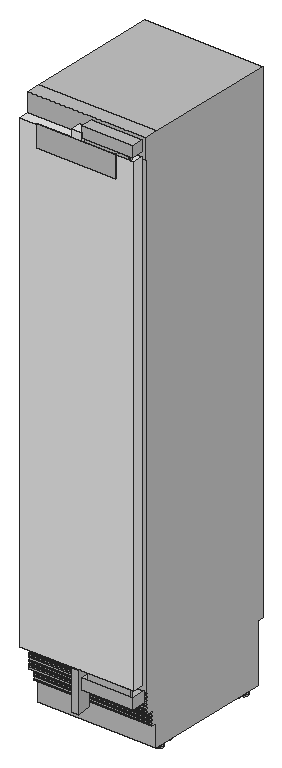
Revit family "FP_Revit_18_RS1884FRJ1_Freezer_90001047A", category Specialty Equipment, Revit 2018
Family settings
  Round Connector Dimension = Use Diameter
  Part Type = Normal
  OmniClass Number = 23.40.40.11.11
  OmniClass Title = Refrigerators and Freezers
  Work Plane-Based = No
  Always vertical = Yes
  Cut with Voids When Loaded = Yes
  Shared = No
  Room Calculation Point = No
Parameters (values of type "RS1884FRJ1")
  Visibility - Water Connection = yes
  Visibility - Visibility Control Note = yes
  Visibility - Clearance Required = yes
  URL = "www.fisherpaykel.com"
  Stainless Steel Door Panels (RD1884R4D) = no
  Product - Width = 451 mm  # constant formula
  Product - Height = 2134 mm  # constant formula
  Product - Depth (exl front panel) = 610 mm  # constant formula
  Model = "RS1884FRJ1"
  Material - Handle = Fisher & Paykel - Aluminium
  Material - Door Structure = Fisher & Paykel - White
  Material - Door Front = Fisher & Paykel - Stainless Steel
  Material - Body = Fisher & Paykel - Grey
  Manufacturer = "Fisher & Paykel Appliances"
  Handle Style - Professional Square (AHV2-RD84) = no
  Handle Style - Professional Round (AHC-RD84) = no
  Handle Style - Contemporary Square (AHD3-RD84) = no
  Handle Style - Contemporary Round (AHS-RD84) = no
  Description = "18\" Integrated Column Freezer with internal ice maker, white interior"
  Connector Description - Water = "1/4\" (6mm) comp. stainless steel braided hose"
  Connector Description - Electrical = "120 V, 10 amp fused electrical supply"
  Cavity - Width = 457 mm  # constant formula
  Cavity - Height = 2134 mm  # constant formula
  Cavity - Depth = 635 mm  # constant formula
Types (3, lengths in mm): name | Model | Description
  (no name) | "RS1884FRJ1" | "18\" Integrated Column Freezer with internal ice maker, white interior"
  RS1884FRJ1 | "RS1884FRJ1" | "18\" Integrated Column Freezer with internal ice maker, white interior"
  RS1884FRJK1 | "RS1884FRJK1" | "18\" Integrated Column Freezer with internal ice maker, stainless steel interior"
Reference planes
  plane 1 "Center (Front/Back)": y = 0
  plane 2: z = 0
  plane 3 "Center (Left/Right)": x = 0
  plane 4 "Product LHS": x = -225.5
  plane 5 "Product RHS": x = 225.5
  plane 6 "Product - Depth": y = 610
  plane 7 "Cavity LHS": x = -228.5
  plane 8 "Cavity RHS": x = 228.5
  plane 9 "Cavity - Depth": y = 612.9
  plane 10 "Handle Offset": x = -162.5
  plane 11 "Product Height": z = 2134
  plane 12 "Cavity Height": z = 2134
  plane 13 "Door Panel Datum": y = -4.1
Forms (mm)
  Extrusion 1, solid, material "Fisher & Paykel - Grey" <- "Material - Body", detail levels fine
    sketch origin (0, 0, 0) x (0, 1, 0) y (0, 0, 1)
      loop
        line (100.1, 19.1) -> (587.9, 19.1) -> (587.9, 239.7) -> (610, 239.7) -> (610, 2131.9) -> (105.1, 2131.9) -> (105.1, 2134) -> (49.9, 2134) -> (49.9, 2059) -> (56, 2059) -> (56, 228.6) -> (59.5, 228.6) -> (59.5, 219.7) -> (56.5, 219.7) -> (56.5, 215.9) -> (59.5, 215.9) -> (59.5, 207) -> (56.5, 207) -> (56.5, 203.2) -> (59.5, 203.2) -> (59.5, 194.3) -> (56.5, 194.3) -> (56.5, 190.5) -> (59.5, 190.5) -> (59.5, 181.6) -> (56.5, 181.6) -> (56.5, 177.8) -> (59.5, 177.8) -> (59.5, 168.9) -> (56.5, 168.9) -> (56.5, 165.1) -> (59.5, 165.1) -> (59.5, 156.2) -> (56.5, 156.2) -> (56.5, 152.4) -> (84.1, 152.4) -> (84.1, 143.5) -> (81.1, 143.5) -> (81.1, 139.7) -> (84.1, 139.7) -> (84.1, 130.8) -> (81.1, 130.8) -> (81.1, 127) -> (84.1, 127) -> (84.1, 118.1) -> (81.1, 118.1) -> (81.1, 114.3) -> (84.1, 114.3) -> (84.1, 105.4) -> (81.1, 105.4) -> (81.1, 101.6) -> (100.1, 101.6) -> (100.1, 19.1)
    from -225.5 to 225.5
  Extrusion 2, solid, material "Fisher & Paykel - Grey" <- "Material - Body"
    sketch origin (0, 0, 0) x (1, 0, 0) y (0, 1, 0)
      loop
        circle (-205, 547.8) r 4.1
      loop
        circle (-205, 141.8) r 4.1
      loop
        circle (205, 547.8) r 4.1
      loop
        circle (205, 141.8) r 4.1
    from 3 to 19.5
  Extrusion 3, solid, material "Fisher & Paykel - Grey" <- "Material - Body"
    sketch origin (0, 0, 0) x (1, 0, 0) y (0, 1, 0)
      loop
        circle (-205, 547.8) r 14.5
      loop
        circle (-205, 141.8) r 14.555
      loop
        circle (205, 547.8) r 14.5
      loop
        circle (205, 141.8) r 14.555
    from 0 to 3
  Extrusion 4, solid, material "Fisher & Paykel - Grey" <- "Material - Body", detail levels fine
    sketch origin (0, 0, 0) x (1, 0, 0) y (0, 1, 0)
      loop
        line (-7.5, 49) -> (-13.797, -4.1) -> (13.797, -4.1) -> (7.5, 49) -> (-7.5, 49)
    from 104.2 to 254.2
  Extrusion 5, solid, material "Fisher & Paykel - Grey" <- "Material - Body", detail levels fine
    sketch origin (0, 0, 0) x (1, 0, 0) y (0, 0, 1)
      loop
        line (213.9, 2123.15) -> (18.92, 2123.15) -> (18.92, 2081.05) -> (213.9, 2081.05) -> (213.9, 2123.15)
    from -49 to -2.5
  Extrusion 6, solid, material "Fisher & Paykel - Grey" <- "Material - Body", detail levels fine
    sketch origin (0, 0, 0) x (1, 0, 0) y (0, 0, 1)
      loop
        line (41.9, 254.2) -> (41.9, 229.75) -> (206.9, 229.75) -> (206.9, 254.2) -> (41.9, 254.2)
      loop
        line (29.5, 2081.05) -> (29.5, 2068.6) -> (206.9, 2068.6) -> (206.9, 2076.05) -> (166.9, 2081.05) -> (29.5, 2081.05)
    from -7 to -4
  Extrusion 7, solid, material "Fisher & Paykel - Grey" <- "Material - Body", detail levels fine
    sketch origin (0, 0, 0) x (0, 1, 0) y (0, 0, 1)
      loop
        line (0, 2070.6) -> (0, 1988.6) -> (2, 1988.6) -> (2, 2068.6) -> (4, 2068.6) -> (4, 2070.6) -> (0, 2070.6)
    from -150 to 150
  Extrusion 8, solid, material "Fisher & Paykel - Grey" <- "Material - Body"
    sketch origin (0, 0, 0) x (1, 0, 0) y (0, 0, 1)
      loop
        circle (150.5, 119.813) r 5
      loop
        circle (-150.5, 119.813) r 5
    from -590 to -587.9
  Extrusion 9, solid, material "Fisher & Paykel - White" <- "Material - Door Structure"
    sketch origin (0, 0, 0) x (1, 0, 0) y (0, 1, 0)
      loop
        line (-200.5, 56) -> (-200.5, 42) -> (200.5, 42) -> (200.5, 56) -> (-200.5, 56)
    from 269.6 to 2030.7
  Extrusion 10, solid, material "Fisher & Paykel - White" <- "Material - Door Structure"
    sketch origin (0, 0, 0) x (1, 0, 0) y (0, 1, 0)
      loop
        line (-216.9, 42) -> (-216.9, 3) -> (216.9, 3) -> (216.9, 42) -> (-216.9, 42)
    from 254.2 to 2068.6
  Extrusion 11, solid, material "Fisher & Paykel - White" <- "Material - Door Structure", detail levels fine
    sketch origin (0, 0, 0) x (1, 0, 0) y (0, 0, 1)
      loop
        line (-18.92, 2100.1) -> (-18.92, 2068.6) -> (18.92, 2068.6) -> (18.92, 2100.1) -> (-18.92, 2100.1)
    from -42 to -3
  Extrusion 12, solid, material "Fisher & Paykel - Stainless Steel" <- "Material - Door Front", visible <- "Stainless Steel Door Panels (RD1884R4D)"
    sketch origin (0, 0, 0) x (0, 1, 0) y (0, 0, 1)
      loop
        line (-22.1, 2130.8) -> (-22.1, 102) -> (-4.1, 102) -> (-4.1, 2130.8) -> (-22.1, 2130.8)
    from -225.5 to 225.5
  Extrusion 13, solid, material "Fisher & Paykel - Grey" <- "Material - Body", detail levels coarse+medium
    sketch origin (0, 0, 0) x (0, 1, 0) y (0, 0, 1)
      loop
        line (49.9, 2134) -> (49.9, 2059) -> (56, 2059) -> (56, 152.4) -> (81.1, 152.4) -> (81.1, 101.6) -> (100.1, 101.6) -> (100.1, 19.1) -> (587.9, 19.1) -> (587.9, 239.7) -> (610, 239.7) -> (610, 2134) -> (49.9, 2134)
    from -225.5 to 225.5
  Extrusion 14, solid, material "Fisher & Paykel - Grey" <- "Material - Body", detail levels fine
    sketch origin (0, 0, 0) x (1, 0, 0) y (0, 0, 1)
      loop
        line (213.9, 187.65) -> (213.9, 229.75) -> (18.92, 229.75) -> (18.92, 187.65) -> (213.9, 187.65)
    from -56 to -2.5
  Extrusion 15, solid, material "Fisher & Paykel - Grey" <- "Material - Body", detail levels fine
    sketch origin (0, 0, -4) x (0, 1, 0) y (0, 0, 1)
      loop
        arc (163.888, 23.1) -> (180.4, 13.63) -> (196.912, 23.1) r 19.13
        line (196.912, 23.1) -> (163.888, 23.1)
      loop
        arc (493.888, 23.1) -> (510.4, 13.63) -> (526.912, 23.1) r 19.13
        line (526.912, 23.1) -> (493.888, 23.1)
    from 191 to 219
  Extrusion 16, solid, material "Fisher & Paykel - Grey" <- "Material - Body", detail levels fine
    sketch origin (0, 0, -4) x (0, 1, 0) y (0, 0, -1)
      loop
        line (163.888, -23.1) -> (196.912, -23.1)
        arc (196.912, -23.1) -> (180.4, -13.63) -> (163.888, -23.1) r 19.13
      loop
        line (493.888, -23.1) -> (526.912, -23.1)
        arc (526.912, -23.1) -> (510.4, -13.63) -> (493.888, -23.1) r 19.13
    from 191 to 219
  Extrusion 17, solid, material "Fisher & Paykel - Clearance Required", visible <- "Visibility - Clearance Required", detail levels coarse
    sketch origin (0, 0, 0) x (1, 0, 0) y (0, 1, 0)
      loop
        line (-228.5, 612.9) -> (-228.5, -4.1) -> (228.5, -4.1) -> (228.5, 612.9) -> (-228.5, 612.9)
    from 0 to 2134
  Extrusion 18, void
    sketch origin (0, 0, 0) x (1, 0, 0) y (0, 1, 0)
      loop
        line (-228.5, 612.9) -> (-228.5, -22.1) -> (228.5, -22.1) -> (228.5, 612.9) -> (-228.5, 612.9)
    from 0 to 2134
  Extrusion 19, solid, material "Fisher & Paykel - Clearance Required", visible <- "Visibility - Clearance Required", detail levels coarse
    sketch origin (0, 0, 0) x (1, 0, 0) y (0, 1, 0)
      loop
        line (225.5, -22.1) -> (-225.5, -22.1)
        arc (-225.5, -22.1) -> (-5.304, -426.707) -> (453.319, -469.813) r 490
        line (453.319, -469.813) -> (431.257, -422.501) -> (458.764, -409.674)
        arc (458.764, -409.674) -> (467.405, -384.437) -> (441.854, -376.772) r 18.51
        line (441.854, -376.772) -> (415.635, -388.999) -> (262.718, -61.068)
        arc (262.718, -61.068) -> (228.203, -56.776) -> (225.5, -22.1) r 27.5
    from 0 to 2134
Lines and regions (mm)
  model lines, style "Fisher & Paykel"
    curve 1: line (-225.5, -4.1, 2130.8) -> (225.5, -4.1, 2130.8)
    curve 2: line (-225.5, -4.1, 102) -> (-225.5, -4.1, 2130.8)
    curve 3: line (225.5, -4.1, 102) -> (-225.5, -4.1, 102)
    curve 4: line (225.5, -4.1, 2130.8) -> (225.5, -4.1, 102)
Text (mm)
  text "Due to ongoing product development, product details are subject to change without notice. \nPlease always refer to www.fisherpaykel.com for the most current product information. \n© Fisher & Paykel 2020" at (41.04, -588.295, 0), in view "Ref. Level (Plan)"
Dimensions and locks
  equal spacing: plane 4 "Product LHS", plane 3 "Center (Left/Right)", plane 5 "Product RHS"
  "Product - Width": plane 4 "Product LHS" to plane 5 "Product RHS"
  "Product - Depth (exl front panel)": plane 1 "Center (Front/Back)" to plane 6 "Product - Depth"
  equal spacing: plane 7 "Cavity LHS", plane 3 "Center (Left/Right)", plane 8 "Cavity RHS"
  "Cavity - Width": plane 7 "Cavity LHS" to plane 8 "Cavity RHS"
  plane 4 "Product LHS" to Extrusion 2 sketch curve = 24.6 mm
  Extrusion 8 sketch curve to Extrusion 1 = 119.887 mm  (x2)
  Extrusion 8 sketch curve to plane 5 "Product RHS" = 75 mm
  plane 4 "Product LHS" to Extrusion 8 sketch curve = 75 mm
  Extrusion 1 sketch curve to Extrusion 1 sketch curve = 82.5 mm
  Extrusion 1 sketch curve to Extrusion 1 sketch curve = 209.5 mm
  Extrusion 1 sketch curve to Extrusion 1 sketch curve = 220.6 mm
  Extrusion 3 to level = 3 mm
  Extrusion 13 to Extrusion 10 = 235.1 mm
  Extrusion 13 to Extrusion 9 = 250.5 mm
  Extrusion 13 to Extrusion 13 = 2114.9 mm
  "Product - Height": level to plane 11 "Product Height"
  plane 11 "Product Height" to Extrusion 12 = 3.2 mm
  Extrusion 10 to plane 11 "Product Height" = 65.4 mm
  Extrusion 9 to plane 11 "Product Height" = 103.3 mm
  Extrusion 13 sketch curve to plane 11 "Product Height" = 75 mm
  Extrusion 1 sketch curve to plane 11 "Product Height" = 2.1 mm
  Extrusion 1 sketch curve to plane 11 "Product Height" = 75 mm
  "Cavity - Height": plane 12 "Cavity Height" to level
  plane 1 "Center (Front/Back)" to Extrusion 17 = 612.9 mm
  plane 1 "Center (Front/Back)" to Extrusion 18 = 612.9 mm
  plane 4 "Product LHS" to plane 10 "Handle Offset" = 63 mm
  Extrusion 12 to Extrusion 6 sketch curve = 58.6 mm
  Extrusion 6 sketch curve to Extrusion 12 = 18.6 mm
  Extrusion 12 to Extrusion 6 sketch curve = 196 mm
  Extrusion 19 to plane 1 "Center (Front/Back)" = 22.1 mm
  "Cavity - Depth": plane 9 "Cavity - Depth" to Extrusion 19
  radius of Extrusion 8 sketch curve = 5 mm
  aligned and locked: level to plane 2
  aligned and locked: Extrusion 12 to plane 5 "Product RHS"
  aligned and locked: plane 4 "Product LHS" to Extrusion 12
  aligned and locked: Extrusion 13 to plane 5 "Product RHS"
  aligned and locked: Extrusion 13 to plane 4 "Product LHS"
  aligned and locked: Extrusion 13 sketch curve to plane 11 "Product Height"
  aligned and locked: plane 11 "Product Height" to Extrusion 1 sketch curve
  aligned and locked: Extrusion 15 sketch curve to Extrusion 15 sketch curve
  aligned and locked: Extrusion 16 sketch curve to Extrusion 16 sketch curve
  aligned and locked: Extrusion 1 to plane 5 "Product RHS"
  aligned and locked: plane 4 "Product LHS" to Extrusion 1
  aligned and locked: Extrusion 13 sketch curve to Extrusion 1  (x4)
  aligned and locked: nested 5 to plane 10 "Handle Offset"
  aligned and locked: nested 4 to plane 10 "Handle Offset"
  aligned and locked: nested 3 to plane 10 "Handle Offset"
  aligned and locked: nested 2 to plane 10 "Handle Offset"
Automatic sketch dimensions
  Extrusion 1 sketch curve to plane 6 "Product - Depth" = 0 mm
  Extrusion 1 sketch curve to Extrusion 1 sketch curve = 22.1 mm
  Extrusion 1 sketch curve to plane 1 "Center (Front/Back)" = 105.1 mm
  level to Extrusion 1 sketch curve = 19.1 mm
  Extrusion 1 sketch curve to plane 1 "Center (Front/Back)" = 100.1 mm
  Extrusion 1 sketch curve to Extrusion 1 sketch curve = 16 mm
  Extrusion 1 sketch curve to Extrusion 1 sketch curve = 0 mm  (x8)
  Extrusion 1 sketch curve to Extrusion 1 sketch curve = 3 mm  (x10)
  Extrusion 1 sketch curve to plane 1 "Center (Front/Back)" = 59.5 mm
  Extrusion 1 sketch curve to plane 1 "Center (Front/Back)" = 56 mm
  Extrusion 1 sketch curve to plane 1 "Center (Front/Back)" = 49.9 mm
  Extrusion 1 sketch curve to Extrusion 1 sketch curve = 3.8 mm  (x10)
  Extrusion 1 sketch curve to Extrusion 1 sketch curve = 8.9 mm  (x9)
  Extrusion 2 sketch curve to plane 4 "Product LHS" = 20.5 mm  (x2)
  plane 5 "Product RHS" to Extrusion 2 sketch curve = 20.5 mm  (x2)
  Extrusion 2 sketch curve to plane 1 "Center (Front/Back)" = 141.8 mm  (x2)
  Extrusion 2 sketch curve to plane 6 "Product - Depth" = 62.2 mm  (x2)
  Extrusion 3 sketch curve to plane 4 "Product LHS" = 20.5 mm  (x2)
  plane 5 "Product RHS" to Extrusion 3 sketch curve = 20.5 mm  (x2)
  Extrusion 3 sketch curve to plane 1 "Center (Front/Back)" = 141.8 mm  (x2)
  Extrusion 3 sketch curve to plane 6 "Product - Depth" = 62.2 mm  (x2)
  plane 1 "Center (Front/Back)" to Extrusion 4 sketch curve = 4.1 mm
  Extrusion 4 sketch curve to plane 3 "Center (Left/Right)" = 13.797 mm
  Extrusion 4 sketch curve to plane 3 "Center (Left/Right)" = 7.5 mm
  plane 3 "Center (Left/Right)" to Extrusion 4 sketch curve = 7.5 mm
  plane 3 "Center (Left/Right)" to Extrusion 4 sketch curve = 13.797 mm
  Extrusion 4 sketch curve to plane 1 "Center (Front/Back)" = 49 mm
  plane 3 "Center (Left/Right)" to Extrusion 5 sketch curve = 18.92 mm
  plane 5 "Product RHS" to Extrusion 5 sketch curve = 11.6 mm
  plane 11 "Product Height" to Extrusion 5 sketch curve = 52.95 mm
  plane 11 "Product Height" to Extrusion 5 sketch curve = 10.85 mm
  plane 3 "Center (Left/Right)" to Extrusion 6 sketch curve = 41.9 mm
  plane 5 "Product RHS" to Extrusion 6 sketch curve = 18.6 mm
  level to Extrusion 6 sketch curve = 229.75 mm
  Extrusion 6 sketch curve to Extrusion 6 sketch curve = 24.45 mm
  plane 11 "Product Height" to Extrusion 6 sketch curve = 65.4 mm
  Extrusion 6 sketch curve to Extrusion 6 sketch curve = 7.45 mm
  Extrusion 6 sketch curve to Extrusion 6 sketch curve = 5 mm
  Extrusion 7 sketch curve to plane 1 "Center (Front/Back)" = 0 mm
  Extrusion 7 sketch curve to plane 1 "Center (Front/Back)" = 2 mm
  Extrusion 7 sketch curve to Extrusion 7 sketch curve = 2 mm  (x2)
  plane 11 "Product Height" to Extrusion 7 sketch curve = 145.4 mm
  plane 11 "Product Height" to Extrusion 7 sketch curve = 65.4 mm
  Extrusion 9 sketch curve to plane 4 "Product LHS" = 25 mm
  plane 5 "Product RHS" to Extrusion 9 sketch curve = 25 mm
  Extrusion 9 sketch curve to plane 1 "Center (Front/Back)" = 42 mm
  Extrusion 9 sketch curve to Extrusion 9 sketch curve = 14 mm
  Extrusion 10 sketch curve to plane 1 "Center (Front/Back)" = 3 mm
  Extrusion 10 sketch curve to plane 4 "Product LHS" = 8.6 mm
  plane 5 "Product RHS" to Extrusion 10 sketch curve = 8.6 mm
  Extrusion 10 sketch curve to Extrusion 10 sketch curve = 39 mm
  Extrusion 11 sketch curve to plane 3 "Center (Left/Right)" = 18.92 mm
  plane 3 "Center (Left/Right)" to Extrusion 11 sketch curve = 18.92 mm
  plane 11 "Product Height" to Extrusion 11 sketch curve = 65.4 mm
  Extrusion 11 sketch curve to Extrusion 11 sketch curve = 31.5 mm
  plane 1 "Center (Front/Back)" to Extrusion 12 sketch curve = 22.1 mm
  plane 1 "Center (Front/Back)" to Extrusion 12 sketch curve = 4.1 mm
  level to Extrusion 12 sketch curve = 102 mm
  plane 11 "Product Height" to Extrusion 12 sketch curve = 3.2 mm
  Extrusion 13 sketch curve to plane 6 "Product - Depth" = 0 mm
  Extrusion 13 sketch curve to plane 6 "Product - Depth" = 22.1 mm
  Extrusion 13 sketch curve to plane 1 "Center (Front/Back)" = 100.1 mm
  Extrusion 13 sketch curve to Extrusion 13 sketch curve = 19 mm
  Extrusion 13 sketch curve to plane 1 "Center (Front/Back)" = 56 mm
  Extrusion 13 sketch curve to plane 1 "Center (Front/Back)" = 49.9 mm
  plane 3 "Center (Left/Right)" to Extrusion 14 sketch curve = 18.92 mm
  plane 5 "Product RHS" to Extrusion 14 sketch curve = 11.6 mm
  level to Extrusion 14 sketch curve = 187.65 mm
  Extrusion 14 sketch curve to Extrusion 14 sketch curve = 42.1 mm
  level to Extrusion 15 sketch curve = 19.1 mm
  Extrusion 15 sketch curve to plane 1 "Center (Front/Back)" = 163.888 mm
  Extrusion 15 sketch curve to Extrusion 15 sketch curve = 16.512 mm  (x2)
  Extrusion 15 sketch curve to plane 6 "Product - Depth" = 116.112 mm
  Extrusion 15 sketch curve to Extrusion 15 sketch curve = 9.66 mm  (x2)
  level to Extrusion 16 sketch curve = 19.1 mm
  Extrusion 16 sketch curve to plane 1 "Center (Front/Back)" = 163.888 mm
  Extrusion 16 sketch curve to Extrusion 16 sketch curve = 16.512 mm  (x2)
  Extrusion 16 sketch curve to plane 6 "Product - Depth" = 116.112 mm
  Extrusion 16 sketch curve to Extrusion 16 sketch curve = 9.66 mm  (x2)
  Extrusion 17 sketch curve to plane 7 "Cavity LHS" = 0 mm
  Extrusion 17 sketch curve to plane 8 "Cavity RHS" = 0 mm
  Extrusion 17 sketch curve to plane 9 "Cavity - Depth" = 0 mm
  plane 1 "Center (Front/Back)" to Extrusion 17 sketch curve = 4.1 mm
  Extrusion 18 sketch curve to plane 7 "Cavity LHS" = 0 mm
  Extrusion 18 sketch curve to plane 8 "Cavity RHS" = 0 mm
  plane 9 "Cavity - Depth" to Extrusion 18 sketch curve = 0 mm
  plane 1 "Center (Front/Back)" to Extrusion 18 sketch curve = 22.1 mm
  Extrusion 19 sketch curve to plane 4 "Product LHS" = 0 mm
  plane 5 "Product RHS" to Extrusion 19 sketch curve = 0 mm
  Extrusion 19 sketch curve to plane 8 "Cavity RHS" = 19.59 mm
  Extrusion 19 sketch curve to Extrusion 19 sketch curve = 14.629 mm
  plane 1 "Center (Front/Back)" to Extrusion 19 sketch curve = 17.663 mm
  Extrusion 19 sketch curve to Extrusion 19 sketch curve = 16.39 mm
  Extrusion 19 sketch curve to plane 8 "Cavity RHS" = 187.135 mm
  Extrusion 19 sketch curve to Extrusion 19 sketch curve = 15.622 mm
  Extrusion 19 sketch curve to Extrusion 19 sketch curve = 26.219 mm
  Extrusion 19 sketch curve to Extrusion 19 sketch curve = 9.088 mm
  Extrusion 19 sketch curve to Extrusion 19 sketch curve = 22.062 mm
  Extrusion 19 sketch curve to Extrusion 19 sketch curve = 7.823 mm
  plane 1 "Center (Front/Back)" to Extrusion 19 sketch curve = 22.1 mm
  Extrusion 19 sketch curve to Extrusion 19 sketch curve = 20.12 mm
  Extrusion 19 sketch curve to Extrusion 19 sketch curve = 93.041 mm
  Extrusion 19 sketch curve to Extrusion 19 sketch curve = 16.126 mm
  plane 5 "Product RHS" to curve 1 = 0 mm
  plane 4 "Product LHS" to curve 3 = 0 mm
  level to curve 3 = 102 mm
  plane 11 "Product Height" to curve 2 = 3.2 mm
  radius of Extrusion 2 sketch curve = 4.1 mm  (x3)
  radius of Extrusion 3 sketch curve = 14.5 mm  (x2)
  radius of Extrusion 3 sketch curve = 14.555 mm  (x2)
  radius of Extrusion 8 sketch curve = 5 mm
Nested families
  nested 1: "Visibility Control Note 18" at (0, 0, 0), visible <- "Visibility - Visibility Control Note", type "Visibility Control Note 18"
  nested 2: "Handle Contemporary Round - Vertical" at (-162.5, -22.1, 1242.58), visible <- "Handle Style - Contemporary Round (AHS-RD84)", type "AHS-RD84 - Contemporary round handle (Vertical) 852mm"
  nested 3: "Handle Professional Round - Vertical" at (-162.5, -22.1, 1242.58), visible <- "Handle Style - Professional Round (AHC-RD84)", type "AHC-RD84 - Professional round handle (Vertical) 786mm"
  nested 4: "Handle Professional Square - Vertical" at (-162.5, -22.1, 1242.58), visible <- "Handle Style - Professional Square (AHV2-RD84)", type "AHV2-RD84 - Professional square handle (Vertical) 792mm"
  nested 5: "Handle Contemporary Square - Vertical" at (-162.5, -22.1, 1242.58), visible <- "Handle Style - Contemporary Square (AHD3-RD84)", type "AHD3-RD84 - Contemporary square handle (Vertical) 852mm"
Connectors
  electrical at (-150.5, 590, 119.813), driven by "Connector Description - Electrical"
    settings: on Extrusion 8, index 1, voltage 120 V, apparent load 0 VA, apparent load phase1 0 VA, apparent load phase2 0 VA, apparent load phase3 0 VA, power factor 1, load classification "Other", number of poles 1, system type 30, power factor state 1, is connector primary yes, connector utility no, sub classification motor no, connector description "120 V, 10 amp fused electrical supply"
  piping at (150.5, 590, 119.813), diameter 12.7, driven by "Connector Description - Water", driven by "Visibility - Water Connection"
    settings: on Extrusion 8, index 2, connector inside diameter 609.6 mm, connector length 0 mm, flow factor 0, pipe flow 0.0 L/s, pressure drop 0.0 Pa, fitting loss kfactor 0, connector angle 0.00°, fixture units 0, engagement length 0 mm, angle of deflection 0.00°, flow configuration 0, flow direction 1, fitting loss method 0, system type 20, joint type 0, gender type 0, connector reference index -1, connector utility 1, adjustable connector no, is connector primary yes, connector description "1/4\" (6mm) comp. stainless steel braided hose"
Definition of nested family "Handle Contemporary Round - Vertical"
  Parameters (values of type "AHSRS80A - Contemporary round handle (1 of 2) (Vertical) 727mm")
    URL = "www.fisherpaykel.com"
    Material - Handle = none
    Manufacturer = "Fisher & Paykel Appliances"
    Handle - Length = 727 mm
  Types (6, lengths in mm): name | Handle - Length
    AHS-RD21 - Contemporary round handle (Vertical) 852mm | 852
    AHSRD2484W - Contemporary round handle (1 of 2) (Vertical) 727mm | 727
    AHSRD3084W - Contemporary round handle (1 of 2) (Vertical) 727mm | 727
    AHS-RD84 - Contemporary round handle (Vertical) 852mm | 852
    AHSRS3272A - Contemporary round handle (1 of 2) (Vertical) 727mm | 727
    AHSRS80A - Contemporary round handle (1 of 2) (Vertical) 727mm | 727
  Reference planes
    plane 1 "Center (Front/Back)": y = 0
    plane 2: z = 0
    plane 3 "Center (Left/Right)": x = 0
    plane 4 "Top": z = 363.5
    plane 5 "Bottom": z = -363.5
    plane 6 "Top Standoff": z = 243.5
    plane 7 "Bottom Standoff": z = -243.5
  Forms (mm)
    Extrusion 1, solid, material <- "Material - Handle"
      sketch origin (0, 0, 0) x (1, 0, 0) y (0, 1, 0)
        loop
          circle (0, -32.3) r 8.7
      from -243.5 to 243.5
    Extrusion 2, solid, material <- "Material - Handle", detail levels fine
      sketch origin (0, 0, 0) x (1, 0, 0) y (0, 1, 0)
        loop
          line (-8.7, 0) -> (-8.7, -32.3)
          arc (-8.7, -32.3) -> (0, -41) -> (8.7, -32.3) r 8.7
          line (8.7, -32.3) -> (8.7, 0) -> (-8.7, 0)
      from 243.5 to 363.5
    Extrusion 3, solid, material <- "Material - Handle", detail levels fine
      sketch origin (0, 0, 0) x (1, 0, 0) y (0, 1, 0)
        loop
          line (-8.7, 0) -> (-8.7, -32.3)
          arc (-8.7, -32.3) -> (0, -41) -> (8.7, -32.3) r 8.7
          line (8.7, -32.3) -> (8.7, 0) -> (-8.7, 0)
      from -363.5 to -243.5
    Sweep 4, void
      path in 3D
        loop
          line (8.7, 0, -363.5) -> (8.7, -32.3, -363.5)
          arc (8.7, -32.3, -363.5) -> (0, -41, -363.5) -> (-8.7, -32.3, -363.5) r 8.7
          line (-8.7, -32.3, -363.5) -> (-8.7, 0, -363.5)
      profile origin (8.7, -16.15, -363.5) x (-1, 0, 0) y (0, 0, -1)
        loop
          line (0, 0) -> (0, -1) -> (1, 0) -> (0, 0)
    Sweep 5, void
      path in 3D
        loop
          line (-8.7, 0, 363.5) -> (-8.7, -32.3, 363.5)
          arc (-8.7, -32.3, 363.5) -> (0, -41, 363.5) -> (8.7, -32.3, 363.5) r 8.7
          line (8.7, -32.3, 363.5) -> (8.7, 0, 363.5)
      profile origin (8.7, -16.15, 363.5) x (-1, 0, 0) y (0, 0, 1)
        loop
          line (0, 0) -> (0, -1) -> (1, 0) -> (0, 0)
    Extrusion 6, solid, material <- "Material - Handle", detail levels coarse+medium
      sketch origin (0, 0, 0) x (1, 0, 0) y (0, 1, 0)
        loop
          line (-8.7, 0) -> (-8.7, -32.3)
          arc (-8.7, -32.3) -> (0, -41) -> (8.7, -32.3) r 8.7
          line (8.7, -32.3) -> (8.7, 0) -> (-8.7, 0)
      from 243.5 to 363.5
    Extrusion 7, solid, material <- "Material - Handle", detail levels coarse+medium
      sketch origin (0, 0, 0) x (1, 0, 0) y (0, 1, 0)
        loop
          line (-8.7, 0) -> (-8.7, -32.3)
          arc (-8.7, -32.3) -> (0, -41) -> (8.7, -32.3) r 8.7
          line (8.7, -32.3) -> (8.7, 0) -> (-8.7, 0)
      from -363.5 to -243.5
  Cuts and joins
    Sweep 4 cuts Extrusion 3
    Sweep 5 cuts Extrusion 2
  Lines and regions (mm)
    sketch lines
      curve 1: line (8.7, 0, -363.5) -> (8.7, -32.3, -363.5)
      curve 2: arc (-8.7, -32.3, -363.5) -> (0, -41, -363.5) -> (8.7, -32.3, -363.5) r 8.7
      curve 3: line (-8.7, -32.3, -363.5) -> (-8.7, 0, -363.5)
      curve 4: line (8.7, -32.3, 363.5) -> (8.7, 0, 363.5)
      curve 5: arc (8.7, -32.3, 363.5) -> (0, -41, 363.5) -> (-8.7, -32.3, 363.5) r 8.7
      curve 6: line (-8.7, 0, 363.5) -> (-8.7, -32.3, 363.5)
  Dimensions and locks
    equal spacing: plane 4 "Top", level, plane 5 "Bottom"
    "Handle - Length": plane 4 "Top" to plane 5 "Bottom"
    locked: plane 4 "Top" to plane 6 "Top Standoff" at 120
    locked: plane 7 "Bottom Standoff" to plane 5 "Bottom" at 120
    Extrusion 2 sketch curve to Extrusion 2 sketch curve = 17.4 mm
    Extrusion 3 sketch curve to Extrusion 3 sketch curve = 17.4 mm
    Extrusion 6 sketch curve to Extrusion 6 sketch curve = 17.4 mm
    Extrusion 7 sketch curve to Extrusion 7 sketch curve = 17.4 mm
    aligned and locked: level to plane 2
    aligned and locked: plane 4 "Top" to Extrusion 2
    aligned and locked: Extrusion 3 to plane 5 "Bottom"
    aligned and locked: plane 7 "Bottom Standoff" to Extrusion 3
    aligned and locked: Extrusion 1 to plane 7 "Bottom Standoff"
    aligned and locked: plane 6 "Top Standoff" to Extrusion 1
    aligned and locked: Extrusion 2 to Extrusion 1
    aligned and locked: Extrusion 6 to Extrusion 1
    aligned and locked: plane 4 "Top" to Extrusion 6
    aligned and locked: Extrusion 7 to Extrusion 1
    aligned and locked: Extrusion 7 to plane 5 "Bottom"
  Automatic sketch dimensions
    Extrusion 1 sketch curve to plane 3 "Center (Left/Right)" = 0 mm
    plane 1 "Center (Front/Back)" to Extrusion 1 sketch curve = 32.3 mm
    plane 1 "Center (Front/Back)" to Extrusion 2 sketch curve = 0 mm
    Extrusion 2 sketch curve to plane 3 "Center (Left/Right)" = 0 mm
    Extrusion 2 sketch curve to plane 3 "Center (Left/Right)" = 8.7 mm
    plane 1 "Center (Front/Back)" to Extrusion 2 sketch curve = 32.3 mm
    plane 1 "Center (Front/Back)" to Extrusion 3 sketch curve = 0 mm
    Extrusion 3 sketch curve to plane 3 "Center (Left/Right)" = 0 mm
    Extrusion 3 sketch curve to plane 3 "Center (Left/Right)" = 8.7 mm
    plane 1 "Center (Front/Back)" to Extrusion 3 sketch curve = 32.3 mm
    Sweep 4 sketch curve to profile plane = 0 mm  (x2)
    Sweep 4 sketch curve to profile plane = 1 mm  (x2)
    Sweep 5 sketch curve to profile plane = 0 mm  (x2)
    Sweep 5 sketch curve to profile plane = 1 mm  (x2)
    Extrusion 6 sketch curve to plane 3 "Center (Left/Right)" = 0 mm
    Extrusion 6 sketch curve to plane 3 "Center (Left/Right)" = 8.7 mm
    plane 1 "Center (Front/Back)" to Extrusion 6 sketch curve = 32.3 mm
    Extrusion 6 sketch curve to Extrusion 6 sketch curve = 32.3 mm
    Extrusion 7 sketch curve to plane 3 "Center (Left/Right)" = 0 mm
    Extrusion 7 sketch curve to plane 3 "Center (Left/Right)" = 8.7 mm
    plane 1 "Center (Front/Back)" to Extrusion 7 sketch curve = 32.3 mm
    Extrusion 7 sketch curve to Extrusion 7 sketch curve = 32.3 mm
    radius of Extrusion 1 sketch curve = 8.7 mm
Definition of nested family "Handle Professional Round - Vertical"
  Parameters (values of type "AHCRD2484W - Professional round handle (1 of 2) (Vertical) 661mm")
    URL = "www.fisherpaykel.com"
    Material - Standoff = none
    Material - Handle = none
    Manufacturer = "Fisher & Paykel Appliances"
    Handle - Length = 661 mm
  Types (5, lengths in mm): name | Handle - Length
    (no name) | 661
    AHCRD2484W - Professional round handle (1 of 2) (Vertical) 661mm | 661
    AHCRD3084W - Professional round handle (1 of 2) (Vertical) 661mm | 661
    AHC-RD84 - Professional round handle (Vertical) 786mm | 786
    AHCRS3272A - Professional round handle (1 of 2) (Vertical) 661mm | 661
  Reference planes
    plane 1 "Center (Front/Back)": y = 0
    plane 2: z = 0
    plane 3 "Center (Left/Right)": x = 0
    plane 4 "Top": z = 330.5
    plane 5 "Bottom": z = -330.5
    plane 6 "Top Standoff": z = 286.5
    plane 7 "Bottom Standoff": z = -286.5
  Forms (mm)
    Extrusion 1, solid, material <- "Material - Standoff", detail levels fine
      sketch origin (0, 0, 0) x (1, 0, 0) y (0, 1, 0)
        loop
          line (-18.5, 0) -> (-18.5, -39.4)
          arc (-18.5, -39.4) -> (0, -57.9) -> (18.5, -39.4) r 18.5
          line (18.5, -39.4) -> (18.5, 0) -> (-18.5, 0)
      from 286.5 to 330.5
    Extrusion 2, solid, material <- "Material - Standoff", detail levels fine
      sketch origin (0, 0, 0) x (1, 0, 0) y (0, 1, 0)
        loop
          line (-18.5, 0) -> (-18.5, -39.4)
          arc (-18.5, -39.4) -> (0, -57.9) -> (18.5, -39.4) r 18.5
          line (18.5, -39.4) -> (18.5, 0) -> (-18.5, 0)
      from -330.5 to -286.5
    Extrusion 3, solid, material <- "Material - Handle"
      sketch origin (0, 0, 0) x (1, 0, 0) y (0, 1, 0)
        loop
          circle (0, -39.4) r 12.7
      from -286.5 to 286.5
    Sweep 4, void
      path in 3D
        loop
          line (-18.5, 0, 330.5) -> (-18.5, -39.4, 330.5)
          arc (-18.5, -39.4, 330.5) -> (0, -57.9, 330.5) -> (18.5, -39.4, 330.5) r 18.5
          line (18.5, -39.4, 330.5) -> (18.5, 0, 330.5)
      profile origin (18.5, -19.7, 330.5) x (-1, 0, 0) y (0, 0, 1)
        loop
          line (0, 0) -> (0, -3) -> (3, 0) -> (0, 0)
    Sweep 5, void
      path in 3D
        loop
          line (18.5, 0, -330.5) -> (18.5, -39.4, -330.5)
          arc (18.5, -39.4, -330.5) -> (0, -57.9, -330.5) -> (-18.5, -39.4, -330.5) r 18.5
          line (-18.5, -39.4, -330.5) -> (-18.5, 0, -330.5)
      profile origin (18.5, -19.7, -330.5) x (-1, 0, 0) y (0, 0, -1)
        loop
          line (0, 0) -> (0, -3) -> (3, 0) -> (0, 0)
    Extrusion 6, solid, material <- "Material - Standoff", detail levels coarse+medium
      sketch origin (0, 0, 0) x (1, 0, 0) y (0, 1, 0)
        loop
          line (-18.5, 0) -> (-18.5, -39.4)
          arc (-18.5, -39.4) -> (0, -57.9) -> (18.5, -39.4) r 18.5
          line (18.5, -39.4) -> (18.5, 0) -> (-18.5, 0)
      from 286.5 to 330.5
    Extrusion 7, solid, material <- "Material - Standoff", detail levels coarse+medium
      sketch origin (0, 0, 0) x (1, 0, 0) y (0, 1, 0)
        loop
          line (-18.5, 0) -> (-18.5, -39.4)
          arc (-18.5, -39.4) -> (0, -57.9) -> (18.5, -39.4) r 18.5
          line (18.5, -39.4) -> (18.5, 0) -> (-18.5, 0)
      from -330.5 to -286.5
  Cuts and joins
    Sweep 4 cuts Extrusion 1
    Sweep 5 cuts Extrusion 2
  Lines and regions (mm)
    sketch lines
      curve 1: line (18.5, -39.4, 330.5) -> (18.5, 0, 330.5)
      curve 2: arc (18.5, -39.4, 330.5) -> (0, -57.9, 330.5) -> (-18.5, -39.4, 330.5) r 18.5
      curve 3: line (-18.5, 0, 330.5) -> (-18.5, -39.4, 330.5)
      curve 4: line (18.5, 0, -330.5) -> (18.5, -39.4, -330.5)
      curve 5: arc (-18.5, -39.4, -330.5) -> (0, -57.9, -330.5) -> (18.5, -39.4, -330.5) r 18.5
      curve 6: line (-18.5, -39.4, -330.5) -> (-18.5, 0, -330.5)
  Dimensions and locks
    equal spacing: plane 4 "Top", level, plane 5 "Bottom"
    "Handle - Length": plane 4 "Top" to plane 5 "Bottom"
    plane 4 "Top" to plane 6 "Top Standoff" = 44 mm
    plane 7 "Bottom Standoff" to plane 5 "Bottom" = 44 mm
    aligned and locked: level to plane 2
    aligned and locked: plane 4 "Top" to Extrusion 1
    aligned and locked: Extrusion 1 to plane 6 "Top Standoff"
    aligned and locked: Extrusion 2 to plane 5 "Bottom"
    aligned and locked: plane 7 "Bottom Standoff" to Extrusion 2
    aligned and locked: plane 6 "Top Standoff" to Extrusion 3
    aligned and locked: Extrusion 3 to plane 7 "Bottom Standoff"
    aligned and locked: plane 4 "Top" to Extrusion 6
    aligned and locked: Extrusion 7 to plane 5 "Bottom"
    aligned and locked: plane 7 "Bottom Standoff" to Extrusion 7
    aligned and locked: Extrusion 6 to plane 6 "Top Standoff"
  Automatic sketch dimensions
    plane 1 "Center (Front/Back)" to Extrusion 1 sketch curve = 0 mm
    Extrusion 1 sketch curve to plane 3 "Center (Left/Right)" = 0 mm
    Extrusion 1 sketch curve to plane 3 "Center (Left/Right)" = 18.5 mm
    plane 1 "Center (Front/Back)" to Extrusion 1 sketch curve = 39.4 mm
    plane 1 "Center (Front/Back)" to Extrusion 2 sketch curve = 0 mm
    Extrusion 2 sketch curve to plane 3 "Center (Left/Right)" = 0 mm
    Extrusion 2 sketch curve to plane 3 "Center (Left/Right)" = 18.5 mm
    plane 1 "Center (Front/Back)" to Extrusion 2 sketch curve = 39.4 mm
    Extrusion 3 sketch curve to plane 3 "Center (Left/Right)" = 0 mm
    plane 1 "Center (Front/Back)" to Extrusion 3 sketch curve = 39.4 mm
    Sweep 4 sketch curve to profile plane = 0 mm  (x2)
    Sweep 4 sketch curve to profile plane = 3 mm  (x2)
    Sweep 5 sketch curve to profile plane = 0 mm  (x2)
    Sweep 5 sketch curve to profile plane = 3 mm  (x2)
    Extrusion 6 sketch curve to plane 3 "Center (Left/Right)" = 0 mm
    Extrusion 6 sketch curve to plane 3 "Center (Left/Right)" = 18.5 mm
    plane 1 "Center (Front/Back)" to Extrusion 6 sketch curve = 39.4 mm
    Extrusion 6 sketch curve to Extrusion 6 sketch curve = 39.4 mm
    Extrusion 7 sketch curve to plane 3 "Center (Left/Right)" = 0 mm
    Extrusion 7 sketch curve to plane 3 "Center (Left/Right)" = 18.5 mm
    plane 1 "Center (Front/Back)" to Extrusion 7 sketch curve = 39.4 mm
    Extrusion 7 sketch curve to Extrusion 7 sketch curve = 39.4 mm
    radius of Extrusion 3 sketch curve = 12.7 mm
Definition of nested family "Handle Professional Square - Vertical"
  Parameters (values of type "AHV2RS3272A - Professional square handle (1 of 2) (Vertical) 727mm")
    URL = "www.fisherpaykel.com"
    Material - Handle = none
    Manufacturer = "Fisher & Paykel Appliances"
    Handle - Length = 727 mm
  Types (5, lengths in mm): name | Handle - Length
    (no name) | 727
    AHV2RD2484W - Professional square handle (1 of 2) (Vertical) 727mm | 727
    AHV2RD3084W - Professional square handle (1 of 2) (Vertical) 727mm | 727
    AHV2-RD84 - Professional square handle (Vertical) 792mm | 792
    AHV2RS3272A - Professional square handle (1 of 2) (Vertical) 727mm | 727
  Reference planes
    plane 1 "Center (Front/Back)": y = 0
    plane 2: z = 0
    plane 3 "Center (Left/Right)": x = 0
    plane 4 "Top": z = 363.5
    plane 5 "Bottom": z = -363.5
    plane 6 "Top Standoff": z = 313.5
    plane 7 "Bottom Standoff": z = -313.5
  Forms (mm)
    Extrusion 1, solid, material <- "Material - Handle", detail levels fine
      sketch origin (0, 0, 0) x (0, 1, 0) y (0, 0, 1)
        loop
          line (0, 363.5) -> (-40, 363.5)
          arc (-40, 363.5) -> (-47.071, 360.571) -> (-50, 353.5) r 10
          line (-50, 353.5) -> (-50, 313.5) -> (0, 313.5) -> (0, 363.5)
        loop
          line (0, -363.5) -> (0, -313.5) -> (-50, -313.5) -> (-50, -353.5)
          arc (-50, -353.5) -> (-47.071, -360.571) -> (-40, -363.5) r 10
          line (-40, -363.5) -> (0, -363.5)
      from -17.5 to 17.5
    Sweep 2, void
      path in 3D
        loop
          line (17.5, 0, 363.5) -> (17.5, -40, 363.5)
          arc (17.5, -40, 363.5) -> (17.5, -47.071, 360.571) -> (17.5, -50, 353.5) r 10
          line (17.5, -50, 353.5) -> (17.5, -50, 313.5)
      profile origin (17.5, -20, 363.5) x (1, 0, 0) y (0, 0, 1)
        loop
          line (0, 0) -> (-2.5, 0) -> (0, -2.5) -> (0, 0)
    Sweep 3, void
      path in 3D
        loop
          line (-17.5, -50, 313.5) -> (-17.5, -50, 353.5)
          arc (-17.5, -50, 353.5) -> (-17.5, -47.071, 360.571) -> (-17.5, -40, 363.5) r 10
          line (-17.5, -40, 363.5) -> (-17.5, 0, 363.5)
      profile origin (-17.5, -20, 363.5) x (-1, 0, 0) y (0, 0, 1)
        loop
          line (0, 0) -> (-2.5, 0) -> (0, -2.5) -> (0, 0)
    Sweep 4, void
      path in 3D
        loop
          line (17.5, -50, -313.5) -> (17.5, -50, -353.5)
          arc (17.5, -50, -353.5) -> (17.5, -47.071, -360.571) -> (17.5, -40, -363.5) r 10
          line (17.5, -40, -363.5) -> (17.5, 0, -363.5)
      profile origin (17.5, -20, -363.5) x (1, 0, 0) y (0, 0, -1)
        loop
          line (0, 0) -> (-2.5, 0) -> (0, -2.5) -> (0, 0)
    Sweep 5, void
      path in 3D
        loop
          line (-17.5, 0, -363.5) -> (-17.5, -40, -363.5)
          arc (-17.5, -40, -363.5) -> (-17.5, -47.071, -360.571) -> (-17.5, -50, -353.5) r 10
          line (-17.5, -50, -353.5) -> (-17.5, -50, -313.5)
      profile origin (-17.5, -20, -363.5) x (-1, 0, 0) y (0, 0, -1)
        loop
          line (0, 0) -> (-2.5, 0) -> (0, -2.5) -> (0, 0)
    Extrusion 6, solid, material <- "Material - Handle", detail levels fine
      sketch origin (0, 0, 0) x (1, 0, 0) y (0, 1, 0)
        loop
          line (-15.5, -36.737) -> (-15.5, -46.422) -> (-14.172, -47.75) -> (14.172, -47.75) -> (15.5, -46.422) -> (15.5, -36.737)
          arc (15.5, -36.737) -> (0, -32.25) -> (-15.5, -36.737) r 29.013
      from -313.5 to 313.5
    Extrusion 7, solid, material <- "Material - Handle", detail levels coarse+medium
      sketch origin (0, 0, 0) x (0, 1, 0) y (0, 0, 1)
        loop
          line (0, 363.5) -> (-40, 363.5)
          arc (-40, 363.5) -> (-47.071, 360.571) -> (-50, 353.5) r 10
          line (-50, 353.5) -> (-50, -353.5)
          arc (-50, -353.5) -> (-47.071, -360.571) -> (-40, -363.5) r 10
          line (-40, -363.5) -> (0, -363.5) -> (0, -313.5) -> (-31.95, -313.5) -> (-31.95, 313.5) -> (0, 313.5) -> (0, 363.5)
      from -17.5 to 17.5
  Cuts and joins
    Sweep 2, Sweep 3, Sweep 4, Sweep 5 cuts Extrusion 1
  Lines and regions (mm)
    sketch lines
      curve 1: line (17.5, 0, 363.5) -> (17.5, -40, 363.5)
      curve 2: arc (17.5, -50, 353.5) -> (17.5, -47.071, 360.571) -> (17.5, -40, 363.5) r 10
      curve 3: line (17.5, -50, 353.5) -> (17.5, -50, 313.5)
      curve 4: line (-17.5, -40, 363.5) -> (-17.5, 0, 363.5)
      curve 5: arc (-17.5, -40, 363.5) -> (-17.5, -47.071, 360.571) -> (-17.5, -50, 353.5) r 10
      curve 6: line (-17.5, -50, 313.5) -> (-17.5, -50, 353.5)
      curve 7: line (17.5, -40, -363.5) -> (17.5, 0, -363.5)
      curve 8: arc (17.5, -40, -363.5) -> (17.5, -47.071, -360.571) -> (17.5, -50, -353.5) r 10
      curve 9: line (17.5, -50, -313.5) -> (17.5, -50, -353.5)
      curve 10: line (-17.5, 0, -363.5) -> (-17.5, -40, -363.5)
      curve 11: arc (-17.5, -50, -353.5) -> (-17.5, -47.071, -360.571) -> (-17.5, -40, -363.5) r 10
      curve 12: line (-17.5, -50, -353.5) -> (-17.5, -50, -313.5)
  Dimensions and locks
    equal spacing: plane 4 "Top", level, plane 5 "Bottom"
    "Handle - Length": plane 4 "Top" to plane 5 "Bottom"
    plane 7 "Bottom Standoff" to plane 5 "Bottom" = 50 mm
    plane 4 "Top" to plane 6 "Top Standoff" = 50 mm
    aligned and locked: level to plane 2
    aligned and locked: plane 4 "Top" to Extrusion 1 sketch curve
    aligned and locked: plane 5 "Bottom" to Extrusion 1 sketch curve
    aligned and locked: Extrusion 1 sketch curve to plane 1 "Center (Front/Back)"
    aligned and locked: plane 1 "Center (Front/Back)" to Extrusion 1 sketch curve
    aligned and locked: plane 6 "Top Standoff" to Extrusion 1 sketch curve
    aligned and locked: plane 7 "Bottom Standoff" to Extrusion 1 sketch curve
    aligned and locked: plane 6 "Top Standoff" to Extrusion 6
    aligned and locked: Extrusion 6 to plane 7 "Bottom Standoff"
    aligned and locked: plane 4 "Top" to Extrusion 7 sketch curve
    aligned and locked: plane 6 "Top Standoff" to Extrusion 7 sketch curve
    aligned and locked: plane 1 "Center (Front/Back)" to Extrusion 7 sketch curve
    aligned and locked: plane 7 "Bottom Standoff" to Extrusion 7 sketch curve
    aligned and locked: plane 5 "Bottom" to Extrusion 7 sketch curve
    aligned and locked: Extrusion 7 sketch curve to plane 1 "Center (Front/Back)"
  Automatic sketch dimensions
    Sweep 2 sketch curve to profile plane = 0 mm
    profile plane to Sweep 2 sketch curve = 0 mm
    profile plane to Sweep 2 sketch curve = 2.5 mm
    Sweep 2 sketch curve to profile plane = 2.5 mm
    Sweep 3 sketch curve to profile plane = 0 mm  (x2)
    profile plane to Sweep 3 sketch curve = 2.5 mm
    Sweep 3 sketch curve to profile plane = 2.5 mm
    Sweep 4 sketch curve to profile plane = 0 mm
    profile plane to Sweep 4 sketch curve = 0 mm
    profile plane to Sweep 4 sketch curve = 2.5 mm
    Sweep 4 sketch curve to profile plane = 2.5 mm
    Sweep 5 sketch curve to profile plane = 0 mm  (x2)
    profile plane to Sweep 5 sketch curve = 2.5 mm
    Sweep 5 sketch curve to profile plane = 2.5 mm
    plane 1 "Center (Front/Back)" to Extrusion 1 sketch curve = 40 mm  (x2)
    Extrusion 1 sketch curve to Extrusion 1 sketch curve = 10 mm  (x2)
    Extrusion 6 sketch curve to plane 3 "Center (Left/Right)" = 0 mm
    Extrusion 6 sketch curve to Extrusion 6 sketch curve = 1.328 mm  (x4)
    plane 1 "Center (Front/Back)" to Extrusion 6 sketch curve = 61.263 mm
    Extrusion 6 sketch curve to Extrusion 6 sketch curve = 13.513 mm
    Extrusion 6 sketch curve to Extrusion 6 sketch curve = 9.684 mm  (x2)
    Extrusion 6 sketch curve to plane 3 "Center (Left/Right)" = 14.172 mm
    plane 1 "Center (Front/Back)" to Extrusion 7 sketch curve = 31.95 mm
    plane 1 "Center (Front/Back)" to Extrusion 7 sketch curve = 40 mm  (x2)
    Extrusion 7 sketch curve to plane 4 "Top" = 10 mm
Definition of nested family "Handle Contemporary Square - Vertical"
  Parameters (values of type "AHD3RS80A - Contemporary square handle (1 of 2) (Vertical) 727mm")
    URL = "www.fisherpaykel.com"
    Material - Handle = none
    Manufacturer = "Fisher & Paykel Appliances"
    Handle - Length = 727 mm
  Types (7, lengths in mm): name | Handle - Length
    (no name) | 727
    AHD3-RD21 - Contemporary square handle (Vertical) 852mm | 852
    AHD3RD2484W - Contemporary square handle (1 of 2) (Vertical) 727mm | 727
    AHD3RD3084W - Contemporary square handle (1 of 2) (Vertical) 727mm | 727
    AHD3-RD84 - Contemporary square handle (Vertical) 852mm | 852
    AHD3RS3272A - Contemporary square handle (1 of 2) (Vertical) 727mm | 727
    AHD3RS80A - Contemporary square handle (1 of 2) (Vertical) 727mm | 727
  Reference planes
    plane 1 "Center (Front/Back)": y = 0
    plane 2: z = 0
    plane 3 "Center (Left/Right)": x = 0
    plane 4 "Top": z = 363.5
    plane 5 "Bottom": z = -363.5
    plane 6 "Top Standoff": z = 243.5
    plane 7 "Bottom Standoff": z = -243.5
  Forms (mm)
    Extrusion 1, solid, material <- "Material - Handle", detail levels fine
      sketch origin (0, 0, 0) x (1, 0, 0) y (0, 1, 0)
        loop
          arc (-7.583, -28.701) -> (-7.89, -29.057) -> (-8, -29.514) r 1
          line (-8, -29.514) -> (-8, -40.5)
          arc (-8, -40.5) -> (-7.561, -41.561) -> (-6.5, -42) r 1.5
          line (-6.5, -42) -> (6.5, -42)
          arc (6.5, -42) -> (7.561, -41.561) -> (8, -40.5) r 1.5
          line (8, -40.5) -> (8, -29.487)
          arc (8, -29.487) -> (7.889, -29.029) -> (7.58, -28.673) r 1
          arc (7.58, -28.673) -> (-0.006, -26.256) -> (-7.583, -28.701) r 13.038
      from -363.5 to 363.5
    Extrusion 2, solid, material <- "Material - Handle", detail levels fine
      sketch origin (0, 0, 0) x (1, 0, 0) y (0, 1, 0)
        loop
          arc (7.058, -28.23) -> (7.466, -28.244) -> (7.674, -27.893) r 0.4
          line (7.674, -27.893) -> (7.674, 0) -> (-7.674, 0) -> (-7.674, -27.86)
          arc (-7.674, -27.86) -> (-7.467, -28.21) -> (-7.06, -28.198) r 0.4
          arc (-7.06, -28.198) -> (0.004, -26.156) -> (7.058, -28.23) r 13.136
      from 243.5 to 363.5
    Extrusion 3, solid, material <- "Material - Handle", detail levels fine
      sketch origin (0, 0, 0) x (1, 0, 0) y (0, 1, 0)
        loop
          arc (7.058, -28.23) -> (7.466, -28.244) -> (7.674, -27.893) r 0.4
          line (7.674, -27.893) -> (7.674, 0) -> (-7.674, 0) -> (-7.674, -27.86)
          arc (-7.674, -27.86) -> (-7.467, -28.21) -> (-7.06, -28.198) r 0.4
          arc (-7.06, -28.198) -> (0.004, -26.156) -> (7.058, -28.23) r 13.136
      from -363.5 to -243.5
    Sweep 4, void
      path in 3D
        loop
          line (-8, -29.514, 363.5) -> (-8, -40.5, 363.5)
          arc (-8, -40.5, 363.5) -> (-7.561, -41.561, 363.5) -> (-6.5, -42, 363.5) r 1.5
          line (-6.5, -42, 363.5) -> (6.5, -42, 363.5)
          arc (6.5, -42, 363.5) -> (7.561, -41.561, 363.5) -> (8, -40.5, 363.5) r 1.5
          line (8, -40.5, 363.5) -> (8, -29.487, 363.5)
      profile origin (8, -34.994, 363.5) x (-1, 0, 0) y (0, 0, 1)
        loop
          line (0, 0) -> (0, -1.3) -> (1.3, 0) -> (0, 0)
    Sweep 5, void
      path in 3D
        loop
          line (8, -29.487, -363.5) -> (8, -40.5, -363.5)
          arc (8, -40.5, -363.5) -> (7.561, -41.561, -363.5) -> (6.5, -42, -363.5) r 1.5
          line (6.5, -42, -363.5) -> (-6.5, -42, -363.5)
          arc (-6.5, -42, -363.5) -> (-7.561, -41.561, -363.5) -> (-8, -40.5, -363.5) r 1.5
          line (-8, -40.5, -363.5) -> (-8, -29.514, -363.5)
      profile origin (8, -34.994, -363.5) x (-1, 0, 0) y (0, 0, -1)
        loop
          line (0, 0) -> (0, -1.3) -> (1.3, 0) -> (0, 0)
    Extrusion 6, void
      sketch origin (0, 0, 0) x (1, 0, 0) y (0, 0, 1)
        loop
          line (-8, -362.2) -> (-8, -363.5) -> (-6.7, -363.5) -> (-8, -362.2)
        loop
          line (8, -362.2) -> (6.7, -363.5) -> (8, -363.5) -> (8, -362.2)
      from 0 to 40
    Extrusion 7, void
      sketch origin (0, 0, 0) x (1, 0, 0) y (0, 0, 1)
        loop
          line (-8, 363.5) -> (-8, 362.2) -> (-6.7, 363.5) -> (-8, 363.5)
        loop
          line (8, 363.5) -> (6.7, 363.5) -> (8, 362.2) -> (8, 363.5)
      from 0 to 40
    Extrusion 8, solid, material <- "Material - Handle", detail levels coarse+medium
      sketch origin (0, 0, 0) x (0, 1, 0) y (0, 0, 1)
        loop
          line (0, 363.5) -> (-42, 363.5) -> (-42, -363.5) -> (0, -363.5) -> (0, -243.5) -> (-26.245, -243.5) -> (-26.245, 243.5) -> (0, 243.5) -> (0, 363.5)
      from -8 to 8
  Cuts and joins
    Sweep 4, Sweep 5, Extrusion 6, Extrusion 7 cuts Extrusion 1
    Extrusion 6 cuts Extrusion 3
    Extrusion 7 cuts Extrusion 2
  Lines and regions (mm)
    sketch lines
      curve 1: line (8, -40.5, 363.5) -> (8, -29.487, 363.5)
      curve 2: arc (8, -40.5, 363.5) -> (7.561, -41.561, 363.5) -> (6.5, -42, 363.5) r 1.5
      curve 3: line (-6.5, -42, 363.5) -> (6.5, -42, 363.5)
      curve 4: arc (-6.5, -42, 363.5) -> (-7.561, -41.561, 363.5) -> (-8, -40.5, 363.5) r 1.5
      curve 5: line (-8, -29.514, 363.5) -> (-8, -40.5, 363.5)
      curve 6: line (8, -29.487, -363.5) -> (8, -40.5, -363.5)
      curve 7: arc (6.5, -42, -363.5) -> (7.561, -41.561, -363.5) -> (8, -40.5, -363.5) r 1.5
      curve 8: line (6.5, -42, -363.5) -> (-6.5, -42, -363.5)
      curve 9: arc (-8, -40.5, -363.5) -> (-7.561, -41.561, -363.5) -> (-6.5, -42, -363.5) r 1.5
      curve 10: line (-8, -40.5, -363.5) -> (-8, -29.514, -363.5)
  Dimensions and locks
    equal spacing: plane 4 "Top", level, plane 5 "Bottom"
    "Handle - Length": plane 4 "Top" to plane 5 "Bottom"
    locked: plane 4 "Top" to plane 6 "Top Standoff" at 120
    locked: plane 7 "Bottom Standoff" to plane 5 "Bottom" at 120
    aligned and locked: level to plane 2
    aligned and locked: plane 4 "Top" to Extrusion 2
    aligned and locked: Extrusion 2 to plane 6 "Top Standoff"
    aligned and locked: plane 4 "Top" to Extrusion 1
    aligned and locked: Extrusion 1 to plane 5 "Bottom"
    aligned and locked: Extrusion 3 to plane 5 "Bottom"
    aligned and locked: plane 7 "Bottom Standoff" to Extrusion 3
    aligned and locked: plane 4 "Top" to Extrusion 8 sketch curve
    aligned and locked: plane 6 "Top Standoff" to Extrusion 8 sketch curve
    aligned and locked: plane 7 "Bottom Standoff" to Extrusion 8 sketch curve
    aligned and locked: plane 5 "Bottom" to Extrusion 8 sketch curve
    aligned and locked: plane 1 "Center (Front/Back)" to Extrusion 8 sketch curve  (x2)
  Automatic sketch dimensions
    Extrusion 1 sketch curve to plane 3 "Center (Left/Right)" = 8 mm
    Extrusion 1 sketch curve to Extrusion 1 sketch curve = 1 mm  (x2)
    Extrusion 1 sketch curve to Extrusion 1 sketch curve = 1.5 mm
    plane 3 "Center (Left/Right)" to Extrusion 1 sketch curve = 0.018 mm
    plane 3 "Center (Left/Right)" to Extrusion 1 sketch curve = 6.5 mm
    plane 3 "Center (Left/Right)" to Extrusion 1 sketch curve = 7 mm
    plane 1 "Center (Front/Back)" to Extrusion 1 sketch curve = 42 mm
    Extrusion 1 sketch curve to Extrusion 1 sketch curve = 1.206 mm
    Extrusion 1 sketch curve to Extrusion 1 sketch curve = 10.986 mm
    Extrusion 1 sketch curve to Extrusion 1 sketch curve = 11.013 mm
    Extrusion 1 sketch curve to Extrusion 1 sketch curve = 0 mm
    plane 1 "Center (Front/Back)" to Extrusion 2 sketch curve = 0 mm
    Extrusion 2 sketch curve to plane 3 "Center (Left/Right)" = 7.674 mm
    Extrusion 2 sketch curve to Extrusion 2 sketch curve = 0.4 mm  (x2)
    Extrusion 2 sketch curve to plane 3 "Center (Left/Right)" = 0.026 mm
    plane 3 "Center (Left/Right)" to Extrusion 2 sketch curve = 7.274 mm
    plane 1 "Center (Front/Back)" to Extrusion 2 sketch curve = 27.86 mm
    Extrusion 2 sketch curve to Extrusion 2 sketch curve = 0.033 mm
    Extrusion 2 sketch curve to Extrusion 2 sketch curve = 11.398 mm
    Extrusion 2 sketch curve to Extrusion 2 sketch curve = 0 mm
    plane 1 "Center (Front/Back)" to Extrusion 3 sketch curve = 0 mm
    Extrusion 3 sketch curve to Extrusion 3 sketch curve = 0.4 mm  (x2)
    Extrusion 3 sketch curve to Extrusion 3 sketch curve = 7.248 mm
    Extrusion 3 sketch curve to Extrusion 3 sketch curve = 7.3 mm
    plane 1 "Center (Front/Back)" to Extrusion 3 sketch curve = 27.86 mm
    Extrusion 3 sketch curve to Extrusion 3 sketch curve = 0.033 mm
    Extrusion 3 sketch curve to Extrusion 3 sketch curve = 11.398 mm
    Extrusion 3 sketch curve to Extrusion 3 sketch curve = 0 mm
    Sweep 4 sketch curve to profile plane = 0 mm  (x2)
    Sweep 4 sketch curve to profile plane = 1.3 mm  (x2)
    Sweep 5 sketch curve to profile plane = 0 mm  (x2)
    Sweep 5 sketch curve to profile plane = 1.3 mm  (x2)
    Extrusion 6 sketch curve to plane 5 "Bottom" = 0 mm  (x2)
    plane 5 "Bottom" to Extrusion 6 sketch curve = 1.3 mm  (x2)
    Extrusion 6 sketch curve to plane 3 "Center (Left/Right)" = 8 mm
    Extrusion 6 sketch curve to Extrusion 6 sketch curve = 1.3 mm  (x2)
    plane 3 "Center (Left/Right)" to Extrusion 6 sketch curve = 8 mm
    Extrusion 7 sketch curve to plane 4 "Top" = 0 mm  (x2)
    Extrusion 7 sketch curve to plane 3 "Center (Left/Right)" = 8 mm
    Extrusion 7 sketch curve to Extrusion 7 sketch curve = 1.3 mm  (x2)
    plane 3 "Center (Left/Right)" to Extrusion 7 sketch curve = 8 mm
    Extrusion 7 sketch curve to plane 4 "Top" = 1.3 mm  (x2)
    plane 1 "Center (Front/Back)" to Extrusion 8 sketch curve = 26.245 mm
    plane 1 "Center (Front/Back)" to Extrusion 8 sketch curve = 42 mm
    Extrusion 3 sketch curve to plane 3 "Center (Left/Right)" = 7.674 mm
Definition of nested family "Visibility Control Note 18"
  Types (3): name
    New
    Resolved
    Active
  Reference planes
    plane 1: y = 0
    plane 2: x = 0
  Text (mm)
    text "Edit Type: \nTo control handle kit \nand door panel visibility\n options\n\nDelete unwanted kits \nto reduce file size" at (-0.165, 35.556, 0)
